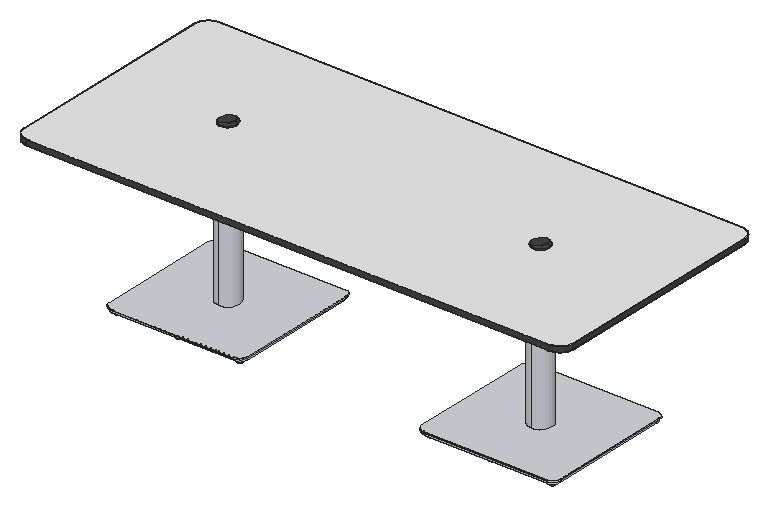
Revit family "DBLTD_TheSenatorGroup_OfficeTables_FortySevenXL_US", category Furniture, Revit 2021
Family settings
  OmniClass Number = 23.40.20.00
  OmniClass Title = General Furniture and Specialties
  Work Plane-Based = No
  Always vertical = Yes
  Cut with Voids When Loaded = No
  Shared = Yes
  Room Calculation Point = No
Parameters (values of type "Dining Rectangular 96 x 42"")
  WorktopMaterial [instance] = DBLTD_TheSenatorGroup_Wood_White
  WorksurfaceArea = NominalWidth * NominalDepth  # 2.60129 m²
  WarrantyStartDate [instance] = " "
  WarrantyGuarantorParts = "https://thesenatorgroup.com/en-us/"
  WarrantyGuarantorLabor = "https://thesenatorgroup.com/en-us/"
  WarrantyDurationUnit = "years"
  WarrantyDurationParts = "5"
  WarrantyDurationLabor = "5"
  WarrantyDescription = "The Senator Group warrants that its manufactured products are free from manufacturing defects - in materials or workmanship - for a period of five (5) years.\r\nAllermuir will repair, or replace (at Allermuir’s sole discretion) with comparable free of charge materials/ components, any product/ component which fails under normal use in a single shift environment, as a result of a defect in the materials and/or workmanship.\r\n\r\nExceptions -\r\nNon-standard product - 2 years\r\nScreen-mounted Accessories/ Dry-wipe Boards - 2 years\r\nElectrical and/or electronic componentry - 2 years\r\n\r\nExclusions - Allermuir does not warrant:\r\nFailure due to normal “Wear and Tear”.\r\nNatural variations in appearance of wood - its grain, figure and colour.\r\nChanges in surface appearance resulting from exposure to light, and the natural ageing process of wood.\r\nChanges in surface appearance resulting from the misuse of cleaning materials and methods/ damage form sharp objects/ imprinting from writing implements.\r\nNatural variations in Leather - its marks, scars and wrinkles.\r\nProduct stored/ exposed to extreme operational conditions.\r\nConsumable components such as Fuses/ Lights/ lamps/ transformers/etc.\r\nOther Manufacturer’s product supplied by Allermuir (their own warranty shall apply where possible).\r\nNon-standard fabrics/ finishes or veneers used. Allermuir only checks the manufacturing quality of Customer’s\r\nOwn Material (COM) and provides no warranty for the finish/ fabric itself.\r\nProduct which has not been installed/ moved/ reconfigured by Allermuir approved personnel.\r\nAllermuir shall be under no liability whatsoever for any consequential damage, loss or other expenses whether arising out of contract, negligence or otherwise."
  Version = "1"
  Uniclass2015Version = "Products v1.15"
  Uniclass2015Title = "Office tables"
  Uniclass2015Code = "Pr_40_50_21_60"
  URL = "https://thesenatorgroup.com/en-us/"
  Type Comments = ModelReference  # "Dining Rectangular 96 x 42\""
  TopType = Nested_DBLTD_TheSenatorGroup_OfficeTables_FortySevenXL_Top_US : Rectangular 42" x 96"
  TagNumber [instance] = " "
  SustainabilityPerformance = "n/a"
  Size = "29 x 96 x 42 \""
  Shape = "Rectangular"
  SerialNumber [instance] = " "
  Revision = ""
  ReplacementCost = "n/a"
  ProductInformation = "https://www.allermuir.com/us/products/tables-storage/fortysevenxl"
  NumberOfChairs = 0
  NominalWidth = 2438.4 mm
  NominalHeight = 736.6 mm
  NominalDepth = 1066.8 mm
  Name = "Table"
  ModelReference = "Dining Rectangular 96 x 42\""
  ModelNumber = "FRSXLD9642RC"
  Model = ModelNumber  # "FRSXLD9642RC"
  Material = "Top; Laminate. Frame; Steel."
  ManufacturerURL = "https://thesenatorgroup.com/en-us/"
  ManufacturerName = "The Senator Group"
  LegEnd = yes
  LegDistance = 693.5 mm
  Keynote = Category  # "Pr_40_50_21_60 Office tables"
  InstallationDate [instance] = " "
  Grade = "n/a"
  FrameMaterial [instance] = DBLTD_TheSenatorGroup_Metal_Black
  Finish = "Frame; Black, White, Stone. Top; White, Grey, Platinum, Pewter Grey, Jet Black, Ash, Summer Oak, Biella Walnut. Edge; Solid Black, Solid White, Clear"
  Features = "n/a"
  ExpectedLife = "5"
  EdgeTrimMaterial [instance] = DBLTD_TheSenatorGroup_Wood_Black
  DurationUnit = "years"
  Cost = 0
  Constituents = "Base, Top, Cable Port"
  Color = "Frame; Black, White, Stone. Top; White, Grey, Platinum, Pewter Grey, Jet Black, Ash, Summer Oak, Biella Walnut. Edge; Solid Black, Solid White, Clear"
  CodePerformance = "n/a"
  LegCentre = no
  Category = "Pr_40_50_21_60 Office tables"
  Manufacturer = ManufacturerName  # "The Senator Group"
  Description = ModelReference  # "Dining Rectangular 96 x 42\""
  Default Elevation = 0 mm
  BaseType = Nested_DBLTD_TheSenatorGroup_OfficeTables_FortySevenXL_Base_Square_US : Square 42" & 48"
  BarCode [instance] = " "
  Author = "Diane Butterworth Ltd"
  AssetType = "Movable"
  AssetIdentifier [instance] = " "
  Assembly Code = "E2020200"
  AccessibilityPerformance = "n/a"
Types (24, lengths in mm): name | WorksurfaceArea | Type Comments | TopType | Size | NominalWidth | NominalHeight | NominalDepth | ModelReference | ModelNumber | Model | LegEnd | LegDistance | LegCentre | Description | BaseType
  Work Lounge Round 30" | 0.580644 m² | "Work Lounge Round 30\"" | Nested_DBLTD_TheSenatorGroup_OfficeTables_FortySevenXL_Top_US : Round 30" | "25 x 30 x 30 \"" | 762 | 635 | 762 | "Work Lounge Round 30\"" | "FRSXLW30RD" | "FRSXLW30RD" | no | 1000 | yes | "Work Lounge Round 30\"" | Nested_DBLTD_TheSenatorGroup_OfficeTables_FortySevenXL_Base_Round_US : Round 30"
  Work Lounge Round 36" | 0.836127 m² | "Work Lounge Round 36\"" | Nested_DBLTD_TheSenatorGroup_OfficeTables_FortySevenXL_Top_US : Round 36" | "25 x 36 x 36 \"" | 914.4 | 635 | 914.4 | "Work Lounge Round 36\"" | "FRSXLW36RD" | "FRSXLW36RD" | no | 1000 | yes | "Work Lounge Round 36\"" | Nested_DBLTD_TheSenatorGroup_OfficeTables_FortySevenXL_Base_Round_US : Round 36"
  Work Lounge Round 42" | 1.13806 m² | "Work Lounge Round 42\"" | Nested_DBLTD_TheSenatorGroup_OfficeTables_FortySevenXL_Top_US : Round 42" | "25 x 42 x 42 \"" | 1066.8 | 635 | 1066.8 | "Work Lounge Round 42\"" | "FRSXLW42RD" | "FRSXLW42RD" | no | 1000 | yes | "Work Lounge Round 42\"" | Nested_DBLTD_TheSenatorGroup_OfficeTables_FortySevenXL_Base_Round_US : Round 42" & 48"
  Work Lounge Square 30" | 0.580644 m² | "Work Lounge Square 30\"" | Nested_DBLTD_TheSenatorGroup_OfficeTables_FortySevenXL_Top_US : Square 30" | "25 x 30 x 30 \"" | 762 | 635 | 762 | "Work Lounge Square 30\"" | "FRSXLW30SQ" | "FRSXLW30SQ" | no | 1000 | yes | "Work Lounge Square 30\"" | Nested_DBLTD_TheSenatorGroup_OfficeTables_FortySevenXL_Base_Square_US : Square 30"
  Work Lounge Square 36" | 0.836127 m² | "Work Lounge Square 36\"" | Nested_DBLTD_TheSenatorGroup_OfficeTables_FortySevenXL_Top_US : Square 36" | "25 x 36 x 36 \"" | 914.4 | 635 | 914.4 | "Work Lounge Square 36\"" | "FRSXLW36SQ" | "FRSXLW36SQ" | no | 1000 | yes | "Work Lounge Square 36\"" | Nested_DBLTD_TheSenatorGroup_OfficeTables_FortySevenXL_Base_Square_US : Square 36"
  Dining Round 30" | 0.580644 m² | "Dining Round 30\"" | Nested_DBLTD_TheSenatorGroup_OfficeTables_FortySevenXL_Top_US : Round 30" | "29 x 30 x 30 \"" | 762 | 736.6 | 762 | "Dining Round 30\"" | "FRSXLD30RD" | "FRSXLD30RD" | no | 1000 | yes | "Dining Round 30\"" | Nested_DBLTD_TheSenatorGroup_OfficeTables_FortySevenXL_Base_Round_US : Round 30"
  Dining Round 36" | 0.836127 m² | "Dining Round 36\"" | Nested_DBLTD_TheSenatorGroup_OfficeTables_FortySevenXL_Top_US : Round 36" | "29 x 36 x 36 \"" | 914.4 | 736.6 | 914.4 | "Dining Round 36\"" | "FRSXLD36RD" | "FRSXLD36RD" | no | 1000 | yes | "Dining Round 36\"" | Nested_DBLTD_TheSenatorGroup_OfficeTables_FortySevenXL_Base_Round_US : Round 36"
  Dining Round 42" | 1.13806 m² | "Dining Round 42\"" | Nested_DBLTD_TheSenatorGroup_OfficeTables_FortySevenXL_Top_US : Round 42" | "29 x 42 x 42 \"" | 1066.8 | 736.6 | 1066.8 | "Dining Round 42\"" | "FRSXLD42RD" | "FRSXLD42RD" | no | 1000 | yes | "Dining Round 42\"" | Nested_DBLTD_TheSenatorGroup_OfficeTables_FortySevenXL_Base_Round_US : Round 42" & 48"
  Dining Round 48" | 1.48645 m² | "Dining Round 48\"" | Nested_DBLTD_TheSenatorGroup_OfficeTables_FortySevenXL_Top_US : Round 48" | "29 x 48 x 48 \"" | 1219.2 | 736.6 | 1219.2 | "Dining Round 48\"" | "FRSXLD48RD" | "FRSXLD48RD" | no | 1000 | yes | "Dining Round 48\"" | Nested_DBLTD_TheSenatorGroup_OfficeTables_FortySevenXL_Base_Round_US : Round 42" & 48"
  Dining Square 30" | 0.580644 m² | "Dining Square 30\"" | Nested_DBLTD_TheSenatorGroup_OfficeTables_FortySevenXL_Top_US : Square 30" | "29 x 30 x 30 \"" | 762 | 736.6 | 762 | "Dining Square 30\"" | "FRSXLD30SQ" | "FRSXLD30SQ" | no | 1000 | yes | "Dining Square 30\"" | Nested_DBLTD_TheSenatorGroup_OfficeTables_FortySevenXL_Base_Square_US : Square 30"
  Dining Square 36" | 0.836127 m² | "Dining Square 36\"" | Nested_DBLTD_TheSenatorGroup_OfficeTables_FortySevenXL_Top_US : Square 36" | "29 x 36 x 36 \"" | 914.4 | 736.6 | 914.4 | "Dining Square 36\"" | "FRSXLD36SQ" | "FRSXLD36SQ" | no | 1000 | yes | "Dining Square 36\"" | Nested_DBLTD_TheSenatorGroup_OfficeTables_FortySevenXL_Base_Square_US : Square 36"
  Dining Square 42" | 1.13806 m² | "Dining Square 42\"" | Nested_DBLTD_TheSenatorGroup_OfficeTables_FortySevenXL_Top_US : Square 42" | "29 x 42 x 42 \"" | 1066.8 | 736.6 | 1066.8 | "Dining Square 42\"" | "FRSXLD42SQ" | "FRSXLD42SQ" | no | 1000 | yes | "Dining Square 42\"" | Nested_DBLTD_TheSenatorGroup_OfficeTables_FortySevenXL_Base_Square_US : Square 42" & 48"
  Dining Square 48" | 1.48645 m² | "Dining Square 48\"" | Nested_DBLTD_TheSenatorGroup_OfficeTables_FortySevenXL_Top_US : Square 48" | "29 x 48 x 48 \"" | 1219.2 | 736.6 | 1219.2 | "Dining Square 48\"" | "FRSXLD48SQ" | "FRSXLD48SQ" | no | 1000 | yes | "Dining Square 48\"" | Nested_DBLTD_TheSenatorGroup_OfficeTables_FortySevenXL_Base_Square_US : Square 42" & 48"
  Dining Rectangular 48 x 36" | 1.11484 m² | "Dining Rectangular 48 x 36\"" | Nested_DBLTD_TheSenatorGroup_OfficeTables_FortySevenXL_Top_US : Rectangular 36" x 48" | "29 x 48 x 36 \"" | 1219.2 | 736.6 | 914.4 | "Dining Rectangular 48 x 36\"" | "FRSXLD4836RC" | "FRSXLD4836RC" | no | 1000 | yes | "Dining Rectangular 48 x 36\"" | Nested_DBLTD_TheSenatorGroup_OfficeTables_FortySevenXL_Base_Square_US : Square 36"
  Dining Rectangular 42 x 36" | 0.975482 m² | "Dining Rectangular 42 x 36\"" | Nested_DBLTD_TheSenatorGroup_OfficeTables_FortySevenXL_Top_US : Rectangular 36" x 42" | "29 x 42 x 36 \"" | 1066.8 | 736.6 | 914.4 | "Dining Rectangular 42 x 36\"" | "FRSXLD4236RC" | "FRSXLD4236RC" | no | 1000 | yes | "Dining Rectangular 42 x 36\"" | Nested_DBLTD_TheSenatorGroup_OfficeTables_FortySevenXL_Base_Square_US : Square 36"
  Dining Rectangular 48 x 42" | 1.30064 m² | "Dining Rectangular 48 x 42\"" | Nested_DBLTD_TheSenatorGroup_OfficeTables_FortySevenXL_Top_US : Rectangular 42" x 48" | "29 x 48 x 42 \"" | 1219.2 | 736.6 | 1066.8 | "Dining Rectangular 48 x 42\"" | "FRSXLD4842RC" | "FRSXLD4842RC" | no | 1000 | yes | "Dining Rectangular 48 x 42\"" | Nested_DBLTD_TheSenatorGroup_OfficeTables_FortySevenXL_Base_Square_US : Square 42" & 48"
  Dining Rectangular 60 x 36" | 1.39355 m² | "Dining Rectangular 60 x 36\"" | Nested_DBLTD_TheSenatorGroup_OfficeTables_FortySevenXL_Top_US : Rectangular 36" x 60" | "29 x 60 x 36 \"" | 1524 | 736.6 | 914.4 | "Dining Rectangular 60 x 36\"" | "FRSXLD6036RC" | "FRSXLD6036RC" | yes | 315 | no | "Dining Rectangular 60 x 36\"" | Nested_DBLTD_TheSenatorGroup_OfficeTables_FortySevenXL_Base_Square_US : Square 36"
  Dining Rectangular 72 x 36" | 1.67225 m² | "Dining Rectangular 72 x 36\"" | Nested_DBLTD_TheSenatorGroup_OfficeTables_FortySevenXL_Top_US : Rectangular 36" x 72" | "29 x 72 x 36 \"" | 1828.8 | 736.6 | 914.4 | "Dining Rectangular 72 x 36\"" | "FRSXLD7236RC" | "FRSXLD7236RC" | yes | 465 | no | "Dining Rectangular 72 x 36\"" | Nested_DBLTD_TheSenatorGroup_OfficeTables_FortySevenXL_Base_Square_US : Square 36"
  Dining Rectangular 84 x 36" | 1.95096 m² | "Dining Rectangular 84 x 36\"" | Nested_DBLTD_TheSenatorGroup_OfficeTables_FortySevenXL_Top_US : Rectangular 36" x 84" | "29 x 84 x 36 \"" | 2133.6 | 736.6 | 914.4 | "Dining Rectangular 84 x 36\"" | "FRSXLD8436RC" | "FRSXLD8436RC" | yes | 543.5 | no | "Dining Rectangular 84 x 36\"" | Nested_DBLTD_TheSenatorGroup_OfficeTables_FortySevenXL_Base_Square_US : Square 36"
  Dining Rectangular 96 x 36" | 2.22967 m² | "Dining Rectangular 96 x 36\"" | Nested_DBLTD_TheSenatorGroup_OfficeTables_FortySevenXL_Top_US : Rectangular 36" x 96" | "29 x 96 x 36 \"" | 2438.4 | 736.6 | 914.4 | "Dining Rectangular 96 x 36\"" | "FRSXLD9636RC" | "FRSXLD9636RC" | yes | 693.5 | no | "Dining Rectangular 96 x 36\"" | Nested_DBLTD_TheSenatorGroup_OfficeTables_FortySevenXL_Base_Square_US : Square 36"
  Dining Rectangular 96 x 42" | 2.60129 m² | "Dining Rectangular 96 x 42\"" | Nested_DBLTD_TheSenatorGroup_OfficeTables_FortySevenXL_Top_US : Rectangular 42" x 96" | "29 x 96 x 42 \"" | 2438.4 | 736.6 | 1066.8 | "Dining Rectangular 96 x 42\"" | "FRSXLD9642RC" | "FRSXLD9642RC" | yes | 693.5 | no | "Dining Rectangular 96 x 42\"" | Nested_DBLTD_TheSenatorGroup_OfficeTables_FortySevenXL_Base_Square_US : Square 42" & 48"
  Dining Rectangular 84 x 42" | 2.27612 m² | "Dining Rectangular 84 x 42\"" | Nested_DBLTD_TheSenatorGroup_OfficeTables_FortySevenXL_Top_US : Rectangular 42" x 84" | "29 x 84 x 42 \"" | 2133.6 | 736.6 | 1066.8 | "Dining Rectangular 84 x 42\"" | "FRSXLD8442RC" | "FRSXLD8442RC" | yes | 543.5 | no | "Dining Rectangular 84 x 42\"" | Nested_DBLTD_TheSenatorGroup_OfficeTables_FortySevenXL_Base_Square_US : Square 42" & 48"
  Dining Rectangular 72 x 42" | 1.95096 m² | "Dining Rectangular 72 x 42\"" | Nested_DBLTD_TheSenatorGroup_OfficeTables_FortySevenXL_Top_US : Rectangular 42" x 72" | "29 x 72 x 42 \"" | 1828.8 | 736.6 | 1066.8 | "Dining Rectangular 72 x 42\"" | "FRSXLD8442RC" | "FRSXLD8442RC" | yes | 465 | no | "Dining Rectangular 72 x 42\"" | Nested_DBLTD_TheSenatorGroup_OfficeTables_FortySevenXL_Base_Square_US : Square 42" & 48"
  Dining Rectangular 60 x 42" | 1.6258 m² | "Dining Rectangular 60 x 42\"" | Nested_DBLTD_TheSenatorGroup_OfficeTables_FortySevenXL_Top_US : Rectangular 42" x 60" | "29 x 60 x 42 \"" | 1524 | 736.6 | 1066.8 | "Dining Rectangular 60 x 42\"" | "FRSXLD6042RC" | "FRSXLD6042RC" | yes | 315 | no | "Dining Rectangular 60 x 42\"" | Nested_DBLTD_TheSenatorGroup_OfficeTables_FortySevenXL_Base_Square_US : Square 42" & 48"
Reference planes
  plane 1 "Center (Front/Back)": y = 0
  plane 2: z = 0
  plane 3 "Center (Left/Right)": x = 0
  plane 4: z = 736.6
  plane 5: z = 711.6
  plane 6: x = 693.5
  plane 7: x = -693.5
Dimensions and locks
  "NominalHeight": plane 4 to level
  plane 4 to plane 5 = 25 mm
  "LegDistance": plane 7 to plane 3 "Center (Left/Right)"
  "LegDistance": plane 3 "Center (Left/Right)" to plane 6
  aligned and locked: level to plane 2
  aligned and locked: plane 4 to nested 3
  aligned and locked: plane 4 to nested 1
  aligned and locked: plane 7 to nested 4
  aligned and locked: plane 6 to nested 5
  aligned and locked: plane 7 to nested 6
  aligned and locked: plane 6 to nested 7
  aligned and locked: plane 4 to nested 6
  aligned and locked: plane 4 to nested 7
Nested families
  nested 1: "Nested_DBLTD_TheSenatorGroup_OfficeTables_FortySevenXL_Port" at (0, 0, 736.6), visible <- "LegCentre", type "Nested_DBLTD_TheSenatorGroup_OfficeTables_FortySevenXL_Port"
  nested 2: "Nested_DBLTD_TheSenatorGroup_OfficeTables_FortySevenXL_Base_Square_US" at (0, 0, 0), type <- "BaseType", visible <- "LegCentre", type "Square 42" & 48""
    with 900 no, 1000 yes
  nested 3: "Nested_DBLTD_TheSenatorGroup_OfficeTables_FortySevenXL_Top_US" at (0, 0, 711.6), WorktopMaterial <- "WorktopMaterial", EdgeTrimMaterial <- "EdgeTrimMaterial", type <- "TopType", type "Rectangular 42" x 96""
    with WorktopMaterial DBLTD_TheSenatorGroup_Wood_White, EdgeTrimMaterial DBLTD_TheSenatorGroup_Wood_Black
  nested 4: "Nested_DBLTD_TheSenatorGroup_OfficeTables_FortySevenXL_Base_Square_US" at (-693.5, 0, 0), type <- "BaseType", visible <- "LegEnd", type "Square 42" & 48""
    with 900 no, 1000 yes
  nested 5: "Nested_DBLTD_TheSenatorGroup_OfficeTables_FortySevenXL_Base_Square_US" at (693.5, 0, 0) x (-1, 0, 0) z (0, 0, 1), type <- "BaseType", visible <- "LegEnd", type "Square 42" & 48""
    with 900 no, 1000 yes
  nested 6: "Nested_DBLTD_TheSenatorGroup_OfficeTables_FortySevenXL_Port" at (-693.5, 0, 736.6), visible <- "LegEnd", type "Nested_DBLTD_TheSenatorGroup_OfficeTables_FortySevenXL_Port"
  nested 7: "Nested_DBLTD_TheSenatorGroup_OfficeTables_FortySevenXL_Port" at (693.5, 0, 736.6), visible <- "LegEnd", type "Nested_DBLTD_TheSenatorGroup_OfficeTables_FortySevenXL_Port"
Definition of nested family "Nested_DBLTD_TheSenatorGroup_OfficeTables_FortySevenXL_Port"
  Parameters (values of type "Nested_DBLTD_TheSenatorGroup_OfficeTables_FortySevenXL_Port")
    Default Elevation = 0 mm
  Reference planes
    plane 1 "Center (Front/Back)": y = 0
    plane 2: z = 0
    plane 3 "Center (Left/Right)": x = 0
    plane 4: x = -375
    plane 5: x = 375
    plane 6: y = 375
    plane 7: y = -375
  Forms (mm)
    Revolve 1, solid
      sketch origin (0, 0, 0) x (1, 0, 0) y (0, 0, 1)
        loop
          line (0, 0) -> (39.394, 0) -> (39.394, 3.36) -> (32.697, 12.924)
          arc (32.697, 12.924) -> (30.434, 14.909) -> (27.509, 15.625) r 6.333
          line (27.509, 15.625) -> (0, 15.625) -> (0, 0)
        axis (0, 15.625) -> (0, 0)
      angle from 0 to 360
    Extrusion 2, void
      sketch origin (0, 0, 0) x (1, 0, 0) y (0, 0, 1)
        loop
          line (-40.444, 3.177) -> (30.806, 15.625) -> (-40.444, 15.625) -> (-40.444, 3.177)
      from -43.174 to 45.647
  Cuts and joins
    Extrusion 2 cuts Revolve 1
  Dimensions and locks
    equal spacing: plane 6, plane 1 "Center (Front/Back)", plane 7
    equal spacing: plane 4, plane 3 "Center (Left/Right)", plane 5
    plane 6 to plane 7 = 750 mm
    plane 4 to plane 5 = 750 mm
    aligned and locked: level to plane 2
  Automatic sketch dimensions
    plane 3 "Center (Left/Right)" to Extrusion 2 sketch curve = 30.806 mm
    level to Extrusion 2 sketch curve = 15.625 mm
    Extrusion 2 sketch curve to plane 3 "Center (Left/Right)" = 40.444 mm
    level to Extrusion 2 sketch curve = 3.177 mm
    Revolve 1 sketch curve to level = 0 mm
    Revolve 1 sketch curve to plane 3 "Center (Left/Right)" = 0 mm  (x2)
    level to Revolve 1 sketch curve = 9.292 mm
    plane 3 "Center (Left/Right)" to Revolve 1 sketch curve = 27.509 mm
    level to Revolve 1 sketch curve = 12.924 mm
    Revolve 1 sketch curve to Revolve 1 sketch curve = 5.188 mm
    level to Revolve 1 sketch curve = 3.36 mm
    Revolve 1 sketch curve to Revolve 1 sketch curve = 6.697 mm
    Revolve 1 sketch curve to Revolve 1 sketch curve = 7.261 mm
    Revolve 1 sketch curve to Revolve 1 sketch curve = 2.114 mm
Definition of nested family "Nested_DBLTD_TheSenatorGroup_OfficeTables_FortySevenXL_Base_Square_US"
  Parameters (values of type "Square 900")
    Height [instance] = 652.275 mm
    FrameMaterial [instance] = none
    Default Elevation = 0 mm
    900 = yes
    750 = no
    1000 = no
  Types (3, lengths in mm): name | 900 | 750 | 1000
    Square 750 | no | yes | no
    Square 900 | yes | no | no
    Square 1000 & 1200 | no | no | yes
  Reference planes
    plane 1 "Center (Front/Back)": y = 0
    plane 2: z = 0
    plane 3 "Center (Left/Right)": x = 0
    plane 4: z = 652.275
    plane 5: z = 627.275
    plane 6: z = 622.275
  Forms (mm)
    Revolve 1, solid, material <- "FrameMaterial"
      sketch origin (0, 0, 0) x (0, 1, 0) y (0, 0, 1)
        loop
          line (0, 30.49) -> (0, 608.775) -> (-50.8, 608.775) -> (-50.8, 30.49) -> (0, 30.49)
        axis (0, 608.775) -> (0, 30.49)
      angle from 0 to 360
    Extrusion 2, solid, material <- "FrameMaterial", visible <- "750"
      sketch origin (0, 0, 0) x (1, 0, 0) y (0, 1, 0)
        loop
          arc (-192.5, 232.5) -> (-220.784, 220.784) -> (-232.5, 192.5) r 40
          line (-232.5, 192.5) -> (-232.5, -192.5)
          arc (-232.5, -192.5) -> (-220.784, -220.784) -> (-192.5, -232.5) r 40
          line (-192.5, -232.5) -> (192.5, -232.5)
          arc (192.5, -232.5) -> (220.784, -220.784) -> (232.5, -192.5) r 40
          line (232.5, -192.5) -> (232.5, 192.5)
          arc (232.5, 192.5) -> (220.784, 220.784) -> (192.5, 232.5) r 40
          line (192.5, 232.5) -> (-192.5, 232.5)
      from 27.49 to 30.49
    Extrusion 3, solid, material <- "FrameMaterial", visible <- "750"
      sketch origin (0, 0, 0) x (1, 0, 0) y (0, 1, 0)
        loop
          arc (-192.5, 227) -> (-216.895, 216.895) -> (-227, 192.5) r 34.5
          line (-227, 192.5) -> (-227, -192.5)
          arc (-227, -192.5) -> (-216.895, -216.895) -> (-192.5, -227) r 34.5
          line (-192.5, -227) -> (192.5, -227)
          arc (192.5, -227) -> (216.895, -216.895) -> (227, -192.5) r 34.5
          line (227, -192.5) -> (227, 192.5)
          arc (227, 192.5) -> (216.895, 216.895) -> (192.5, 227) r 34.5
          line (192.5, 227) -> (-192.5, 227)
      from 15.49 to 27.49
    Extrusion 4, solid, visible <- "750"
      sketch origin (0, 0, 0) x (1, 0, 0) y (0, 1, 0)
        loop
          circle (-195.016, 195.016) r 12
        loop
          circle (0, 195.016) r 12
        loop
          circle (195.016, 195.016) r 12
        loop
          circle (-195.016, -195.016) r 12
        loop
          circle (0, -195.016) r 12
        loop
          circle (195.016, -195.016) r 12
        loop
          circle (-195.016, 0) r 12
        loop
          circle (195.016, 0) r 12
      from 0 to 15.49
    Extrusion 5, solid, material <- "FrameMaterial"
      sketch origin (0, 0, 15.6) x (1, 0, 0) y (0, 1, 0)
        loop
          arc (-95.5, 175.5) -> (-152.069, 152.069) -> (-175.5, 95.5) r 80
          line (-175.5, 95.5) -> (-175.5, -95.5)
          arc (-175.5, -95.5) -> (-152.069, -152.069) -> (-95.5, -175.5) r 80
          line (-95.5, -175.5) -> (95.5, -175.5)
          arc (95.5, -175.5) -> (152.069, -152.069) -> (175.5, -95.5) r 80
          line (175.5, -95.5) -> (175.5, 95.5)
          arc (175.5, 95.5) -> (152.069, 152.069) -> (95.5, 175.5) r 80
          line (95.5, 175.5) -> (-95.5, 175.5)
      from 606.675 to 611.675
    Extrusion 6, solid, material <- "FrameMaterial", visible <- "900"
      sketch origin (0, 0, 0) x (1, 0, 0) y (0, 1, 0)
        loop
          arc (-222.5, 257.5) -> (-247.249, 247.249) -> (-257.5, 222.5) r 35
          line (-257.5, 222.5) -> (-257.5, -222.5)
          arc (-257.5, -222.5) -> (-247.249, -247.249) -> (-222.5, -257.5) r 35
          line (-222.5, -257.5) -> (222.5, -257.5)
          arc (222.5, -257.5) -> (247.249, -247.249) -> (257.5, -222.5) r 35
          line (257.5, -222.5) -> (257.5, 222.5)
          arc (257.5, 222.5) -> (247.249, 247.249) -> (222.5, 257.5) r 35
          line (222.5, 257.5) -> (-222.5, 257.5)
      from 27.49 to 30.49
    Extrusion 7, solid, material <- "FrameMaterial", visible <- "900"
      sketch origin (0, 0, 0) x (1, 0, 0) y (0, 1, 0)
        loop
          arc (-217, 252) -> (-241.749, 241.749) -> (-252, 217) r 35
          line (-252, 217) -> (-252, -217)
          arc (-252, -217) -> (-241.749, -241.749) -> (-217, -252) r 35
          line (-217, -252) -> (217, -252)
          arc (217, -252) -> (241.749, -241.749) -> (252, -217) r 35
          line (252, -217) -> (252, 217)
          arc (252, 217) -> (241.749, 241.749) -> (217, 252) r 35
          line (217, 252) -> (-217, 252)
      from 15.49 to 27.49
    Extrusion 8, solid, visible <- "900"
      sketch origin (0, 0, 0) x (1, 0, 0) y (0, 1, 0)
        loop
          circle (-219.765, 219.765) r 12
        loop
          circle (0, 220.016) r 12
        loop
          circle (219.765, 219.765) r 12
        loop
          circle (-219.765, -219.765) r 12
        loop
          circle (0, -220.016) r 12
        loop
          circle (219.765, -219.765) r 12
        loop
          circle (-220.016, 0) r 12
        loop
          circle (220.016, 0) r 12
      from 0 to 15.49
    Extrusion 9, solid, material <- "FrameMaterial", visible <- "1000"
      sketch origin (0, 0, 0) x (1, 0, 0) y (0, 1, 0)
        loop
          arc (-267, 302) -> (-291.749, 291.749) -> (-302, 267) r 35
          line (-302, 267) -> (-302, -267)
          arc (-302, -267) -> (-291.749, -291.749) -> (-267, -302) r 35
          line (-267, -302) -> (267, -302)
          arc (267, -302) -> (291.749, -291.749) -> (302, -267) r 35
          line (302, -267) -> (302, 267)
          arc (302, 267) -> (291.749, 291.749) -> (267, 302) r 35
          line (267, 302) -> (-267, 302)
      from 15.49 to 27.49
    Extrusion 10, solid, visible <- "1000"
      sketch origin (0, 0, 0) x (1, 0, 0) y (0, 1, 0)
        loop
          circle (-271.03, 271.03) r 12
        loop
          circle (0, 270.016) r 12
        loop
          circle (271.03, 271.03) r 12
        loop
          circle (-271.03, -271.03) r 12
        loop
          circle (0, -270.016) r 12
        loop
          circle (271.03, -271.03) r 12
        loop
          circle (-270.016, 0) r 12
        loop
          circle (270.016, 0) r 12
      from 0 to 15.49
    Extrusion 11, solid, material <- "FrameMaterial", visible <- "1000"
      sketch origin (0, 0, 0) x (1, 0, 0) y (0, 1, 0)
        loop
          arc (-272.5, 307.5) -> (-297.249, 297.249) -> (-307.5, 272.5) r 35
          line (-307.5, 272.5) -> (-307.5, -272.5)
          arc (-307.5, -272.5) -> (-297.249, -297.249) -> (-272.5, -307.5) r 35
          line (-272.5, -307.5) -> (272.5, -307.5)
          arc (272.5, -307.5) -> (297.249, -297.249) -> (307.5, -272.5) r 35
          line (307.5, -272.5) -> (307.5, 272.5)
          arc (307.5, 272.5) -> (297.249, 297.249) -> (272.5, 307.5) r 35
          line (272.5, 307.5) -> (-272.5, 307.5)
      from 27.49 to 30.49
    Revolve 12, solid, material <- "FrameMaterial"
      sketch origin (0, 0, 12.285) x (0, 1, 0) y (0, 0, 1)
        loop
          line (0, 596.49) -> (0, 609.99) -> (-115.236, 609.99) -> (-69.667, 596.49) -> (0, 596.49)
        axis (0, 609.99) -> (0, 596.49)
      angle from 0 to 360
    Revolve 13, solid, material <- "FrameMaterial", not visible
      sketch origin (0, 0, 0) x (0, 1, 0) y (0, 0, 1)
        loop
          line (0, 596.49) -> (0, 609.99) -> (-115.236, 609.99) -> (-69.667, 596.49) -> (0, 596.49)
        axis (0, 609.99) -> (0, 596.49)
      angle from 0 to 360
  Dimensions and locks
    plane 4 to plane 5 to plane 6 = 25 mm locked, 5 mm locked
    "Height": plane 4 to level
    aligned and locked: level to plane 2
    aligned and locked: plane 5 to Extrusion 5
    aligned and locked: Extrusion 5 to plane 6
    aligned and locked: Revolve 12 to plane 6
    aligned and locked: Revolve 12 to Revolve 1
  Automatic sketch dimensions
    Revolve 1 sketch curve to plane 1 "Center (Front/Back)" = 0 mm  (x2)
    plane 1 "Center (Front/Back)" to Revolve 1 sketch curve = 50.8 mm
    level to Revolve 1 sketch curve = 30.49 mm
    Revolve 1 sketch curve to plane 6 = 13.5 mm
    plane 5 to Revolve 1 sketch curve = 12.402 mm
    plane 4 to Revolve 1 sketch curve = 47.115 mm
    Extrusion 2 sketch curve to plane 3 "Center (Left/Right)" = 232.5 mm
    Extrusion 2 sketch curve to Extrusion 2 sketch curve = 40 mm  (x3)
    plane 3 "Center (Left/Right)" to Extrusion 2 sketch curve = 192.5 mm  (x2)
    plane 1 "Center (Front/Back)" to Extrusion 2 sketch curve = 232.5 mm
    Extrusion 2 sketch curve to plane 1 "Center (Front/Back)" = 192.5 mm
    Extrusion 3 sketch curve to plane 3 "Center (Left/Right)" = 227 mm
    Extrusion 3 sketch curve to Extrusion 3 sketch curve = 34.5 mm  (x3)
    plane 3 "Center (Left/Right)" to Extrusion 3 sketch curve = 192.5 mm  (x2)
    plane 1 "Center (Front/Back)" to Extrusion 3 sketch curve = 227 mm
    Extrusion 3 sketch curve to plane 1 "Center (Front/Back)" = 192.5 mm
    plane 1 "Center (Front/Back)" to Extrusion 4 sketch curve = 0 mm  (x2)
    Extrusion 4 sketch curve to plane 3 "Center (Left/Right)" = 0 mm  (x2)
    Extrusion 4 sketch curve to Extrusion 4 sketch curve = 195.016 mm
    Extrusion 4 sketch curve to plane 3 "Center (Left/Right)" = 195.016 mm  (x2)
    plane 3 "Center (Left/Right)" to Extrusion 4 sketch curve = 195.016 mm  (x3)
    plane 1 "Center (Front/Back)" to Extrusion 4 sketch curve = 195.016 mm
    Extrusion 4 sketch curve to Extrusion 4 sketch curve = 0 mm  (x4)
    Extrusion 4 sketch curve to plane 1 "Center (Front/Back)" = 195.016 mm
    Extrusion 5 sketch curve to plane 3 "Center (Left/Right)" = 175.5 mm
    Extrusion 5 sketch curve to plane 3 "Center (Left/Right)" = 95.5 mm
    Extrusion 5 sketch curve to Extrusion 5 sketch curve = 80 mm  (x2)
    plane 3 "Center (Left/Right)" to Extrusion 5 sketch curve = 95.5 mm  (x2)
    plane 1 "Center (Front/Back)" to Extrusion 5 sketch curve = 175.5 mm
    Extrusion 5 sketch curve to plane 1 "Center (Front/Back)" = 95.5 mm
    Extrusion 6 sketch curve to plane 3 "Center (Left/Right)" = 257.5 mm
    Extrusion 6 sketch curve to Extrusion 6 sketch curve = 35 mm  (x3)
    plane 3 "Center (Left/Right)" to Extrusion 6 sketch curve = 222.5 mm  (x2)
    plane 1 "Center (Front/Back)" to Extrusion 6 sketch curve = 257.5 mm
    Extrusion 6 sketch curve to plane 1 "Center (Front/Back)" = 222.5 mm
    Extrusion 7 sketch curve to plane 3 "Center (Left/Right)" = 252 mm
    Extrusion 7 sketch curve to Extrusion 7 sketch curve = 35 mm  (x3)
    plane 3 "Center (Left/Right)" to Extrusion 7 sketch curve = 217 mm  (x2)
    plane 1 "Center (Front/Back)" to Extrusion 7 sketch curve = 252 mm
    Extrusion 7 sketch curve to plane 1 "Center (Front/Back)" = 217 mm
    plane 1 "Center (Front/Back)" to Extrusion 8 sketch curve = 0 mm  (x2)
    Extrusion 8 sketch curve to plane 3 "Center (Left/Right)" = 0 mm  (x2)
    Extrusion 8 sketch curve to plane 3 "Center (Left/Right)" = 219.765 mm  (x2)
    Extrusion 8 sketch curve to Extrusion 8 sketch curve = 0.251 mm  (x4)
    plane 3 "Center (Left/Right)" to Extrusion 8 sketch curve = 219.765 mm  (x2)
    plane 1 "Center (Front/Back)" to Extrusion 8 sketch curve = 219.765 mm  (x2)
    Extrusion 8 sketch curve to plane 1 "Center (Front/Back)" = 219.765 mm  (x2)
    Extrusion 9 sketch curve to plane 3 "Center (Left/Right)" = 302 mm
    Extrusion 9 sketch curve to Extrusion 9 sketch curve = 35 mm  (x3)
    plane 3 "Center (Left/Right)" to Extrusion 9 sketch curve = 267 mm  (x2)
    plane 1 "Center (Front/Back)" to Extrusion 9 sketch curve = 302 mm
    Extrusion 9 sketch curve to plane 1 "Center (Front/Back)" = 267 mm
    plane 1 "Center (Front/Back)" to Extrusion 10 sketch curve = 0 mm  (x2)
    Extrusion 10 sketch curve to plane 3 "Center (Left/Right)" = 0 mm  (x2)
    Extrusion 10 sketch curve to plane 3 "Center (Left/Right)" = 270.016 mm
    Extrusion 10 sketch curve to plane 3 "Center (Left/Right)" = 271.03 mm  (x2)
    plane 3 "Center (Left/Right)" to Extrusion 10 sketch curve = 270.016 mm
    plane 3 "Center (Left/Right)" to Extrusion 10 sketch curve = 271.03 mm  (x2)
    plane 1 "Center (Front/Back)" to Extrusion 10 sketch curve = 270.016 mm
    plane 1 "Center (Front/Back)" to Extrusion 10 sketch curve = 271.03 mm  (x2)
    Extrusion 10 sketch curve to plane 1 "Center (Front/Back)" = 270.016 mm
    Extrusion 10 sketch curve to plane 1 "Center (Front/Back)" = 271.03 mm  (x2)
    Extrusion 11 sketch curve to plane 3 "Center (Left/Right)" = 307.5 mm
    Extrusion 11 sketch curve to Extrusion 11 sketch curve = 35 mm  (x3)
    plane 3 "Center (Left/Right)" to Extrusion 11 sketch curve = 272.5 mm  (x2)
    plane 1 "Center (Front/Back)" to Extrusion 11 sketch curve = 307.5 mm
    Extrusion 11 sketch curve to plane 1 "Center (Front/Back)" = 272.5 mm
    Revolve 12 sketch curve to Revolve 12 sketch curve = 45.569 mm
    Revolve 12 sketch curve to Revolve 12 sketch curve = 69.667 mm
    Revolve 12 sketch curve to Revolve 12 sketch curve = 13.5 mm
    Revolve 12 sketch curve to Revolve 12 sketch curve = 0 mm
    Revolve 12 sketch curve to Revolve 12 sketch curve = 29.687 mm
    Revolve 12 sketch curve to Revolve 12 sketch curve = 59.713 mm
    Revolve 13 sketch curve to Revolve 13 sketch curve = 45.569 mm
    Revolve 13 sketch curve to Revolve 13 sketch curve = 69.667 mm
    Revolve 13 sketch curve to Revolve 13 sketch curve = 13.5 mm
    Revolve 13 sketch curve to Revolve 13 sketch curve = 0 mm
    Revolve 13 sketch curve to Revolve 13 sketch curve = 29.687 mm
    Revolve 13 sketch curve to Revolve 13 sketch curve = 59.713 mm
    radius of Extrusion 4 sketch curve = 12 mm  (x8)
    radius of Extrusion 8 sketch curve = 12 mm  (x8)
    radius of Extrusion 10 sketch curve = 12 mm  (x8)
Definition of nested family "Nested_DBLTD_TheSenatorGroup_OfficeTables_FortySevenXL_Top_US"
  Parameters (values of type "Square 48"")
    WorktopMaterial [instance] = none
    Width = 1219.2 mm
    IsSquare = yes
    IsRound = no
    EdgeTrimMaterial [instance] = none
    Depth = 1219.2 mm
    Default Elevation = 0 mm
  Types (20, lengths in mm): name | Width | IsSquare | IsRound | Depth
    (no name) | 1219.2 | yes | no | 1219.2
    Square 30" | 762 | yes | no | 762
    Square 42" | 1066.8 | yes | no | 1066.8
    Round 30" | 762 | no | yes | 762
    Round 36" | 914.4 | no | yes | 914.4
    Round 42" | 1066.8 | no | yes | 1066.8
    Round 48" | 1219.2 | no | yes | 1219.2
    Square 36" | 914.4 | yes | no | 914.4
    Rectangular 36" x 42" | 1066.8 | yes | no | 914.4
    Square 48" | 1219.2 | yes | no | 1219.2
    Rectangular 36" x 48" | 1219.2 | yes | no | 914.4
    Rectangular 42" x 48" | 1219.2 | yes | no | 1066.8
    Rectangular 36" x 60" | 1524 | yes | no | 914.4
    Rectangular 36" x 72" | 1828.8 | yes | no | 914.4
    Rectangular 36" x 84" | 2133.6 | yes | no | 914.4
    Rectangular 36" x 96" | 2438.4 | yes | no | 914.4
    Rectangular 42" x 96" | 2438.4 | yes | no | 1066.8
    Rectangular 42" x 84" | 2133.6 | yes | no | 1066.8
    Rectangular 42" x 72" | 1828.8 | yes | no | 1066.8
    Rectangular 42" x 60" | 1524 | yes | no | 1066.8
  Reference planes
    plane 1 "Center (Front/Back)": y = 0
    plane 2: z = 0
    plane 3 "Center (Left/Right)": x = 0
    plane 4: x = -609.6
    plane 5: x = 609.6
    plane 6: y = 609.6
    plane 7: y = -609.6
  Forms (mm)
    Extrusion 1, solid, material <- "WorktopMaterial", visible <- "IsSquare"
      sketch origin (0, 0, 0) x (1, 0, 0) y (0, 1, 0)
        loop
          arc (-549.6, 607.6) -> (-590.612, 590.612) -> (-607.6, 549.6) r 58
          line (-607.6, 549.6) -> (-607.6, -549.6)
          arc (-607.6, -549.6) -> (-590.612, -590.612) -> (-549.6, -607.6) r 58
          line (-549.6, -607.6) -> (549.6, -607.6)
          arc (549.6, -607.6) -> (590.612, -590.612) -> (607.6, -549.6) r 58
          line (607.6, -549.6) -> (607.6, 549.6)
          arc (607.6, 549.6) -> (590.612, 590.612) -> (549.6, 607.6) r 58
          line (549.6, 607.6) -> (-549.6, 607.6)
      from 0 to 25
    Sweep 2, solid, material <- "EdgeTrimMaterial", visible <- "IsSquare"
      path in 3D
        loop
          arc (-607.6, -549.6, 25) -> (-590.612, -590.612, 25) -> (-549.6, -607.6, 25) r 58
          line (-549.6, -607.6, 25) -> (549.6, -607.6, 25)
          arc (549.6, -607.6, 25) -> (590.612, -590.612, 25) -> (607.6, -549.6, 25) r 58
          line (607.6, -549.6, 25) -> (607.6, 549.6, 25)
          arc (607.6, 549.6, 25) -> (590.612, 590.612, 25) -> (549.6, 607.6, 25) r 58
          line (549.6, 607.6, 25) -> (-549.6, 607.6, 25)
          arc (-549.6, 607.6, 25) -> (-590.612, 590.612, 25) -> (-607.6, 549.6, 25) r 58
          line (-607.6, 549.6, 25) -> (-607.6, -549.6, 25)
      profile origin (-607.6, 0, 25) x (1, 0, 0) y (0, 0, 1)
        loop
          line (0, 0) -> (-2, -2) -> (-2, -23) -> (0, -25) -> (0, 0)
    Extrusion 3, solid, material <- "WorktopMaterial", visible <- "IsRound"
      sketch origin (0, 0, 0) x (1, 0, 0) y (0, 1, 0)
        loop
          circle (0, 0) r 609.6
      from 0 to 25
    Sweep 4, void
      path in 3D
        loop
          arc (609.6, 0, 25) -> (0, -609.6, 25) -> (-609.6, 0, 25) r 609.6
          arc (-609.6, 0, 25) -> (0, 609.6, 25) -> (609.6, 0, 25) r 609.6
      profile origin (0, 609.6, 25) x (0, 1, 0) y (0, 0, 1)
        loop
          line (0, 0) -> (-2, 0) -> (0, -2) -> (0, 0)
        loop
          line (0, -25) -> (0, -23) -> (-2, -25) -> (0, -25)
  Cuts and joins
    Sweep 4 cuts Extrusion 3
  Lines and regions (mm)
    sketch lines
      curve 1: line (-607.6, 549.6, 25) -> (-607.6, -549.6, 25)
      curve 2: arc (-607.6, 549.6, 25) -> (-590.612, 590.612, 25) -> (-549.6, 607.6, 25) r 58
      curve 3: line (549.6, 607.6, 25) -> (-549.6, 607.6, 25)
      curve 4: line (-549.6, -607.6, 25) -> (549.6, -607.6, 25)
      curve 5: arc (-549.6, -607.6, 25) -> (-590.612, -590.612, 25) -> (-607.6, -549.6, 25) r 58
      curve 6: arc (607.6, -549.6, 25) -> (590.612, -590.612, 25) -> (549.6, -607.6, 25) r 58
      curve 7: line (607.6, -549.6, 25) -> (607.6, 549.6, 25)
      curve 8: arc (549.6, 607.6, 25) -> (590.612, 590.612, 25) -> (607.6, 549.6, 25) r 58
      curve 9: arc (-609.6, 0, 25) -> (0, 609.6, 25) -> (609.6, 0, 25) r 609.6
      curve 10: arc (609.6, 0, 25) -> (0, -609.6, 25) -> (-609.6, 0, 25) r 609.6
  Dimensions and locks
    equal spacing: plane 6, plane 1 "Center (Front/Back)", plane 7
    equal spacing: plane 4, plane 3 "Center (Left/Right)", plane 5
    "Depth": plane 6 to plane 7
    "Width": plane 4 to plane 5
    "Width": diameter of Extrusion 3 sketch curve
    aligned and locked: level to plane 2
  Automatic sketch dimensions
    plane 4 to Extrusion 1 sketch curve = 60 mm
    Extrusion 1 sketch curve to Extrusion 1 sketch curve = 58 mm
    Extrusion 1 sketch curve to plane 5 = 60 mm  (x2)
    plane 4 to Extrusion 1 sketch curve = 2 mm
    Extrusion 1 sketch curve to plane 5 = 2 mm
    plane 7 to Extrusion 1 sketch curve = 2 mm
    Extrusion 1 sketch curve to plane 6 = 60 mm
    profile plane to Sweep 2 sketch curve = 0 mm
    Sweep 2 sketch curve to profile plane = 0 mm
    profile plane to Sweep 2 sketch curve = 2 mm
    Sweep 2 sketch curve to profile plane = 2 mm
    Sweep 2 sketch curve to Sweep 2 sketch curve = 21 mm
    Sweep 2 sketch curve to Sweep 2 sketch curve = 2 mm
    Sweep 4 sketch curve to profile plane = 0 mm  (x3)
    profile plane to Sweep 4 sketch curve = 2 mm  (x2)
    Sweep 4 sketch curve to profile plane = 2 mm
    Sweep 4 sketch curve to Sweep 4 sketch curve = 23 mm
    Sweep 4 sketch curve to Sweep 4 sketch curve = 2 mm
    plane 1 "Center (Front/Back)" to Extrusion 3 sketch curve = 0 mm
    Extrusion 3 sketch curve to plane 3 "Center (Left/Right)" = 0 mm
